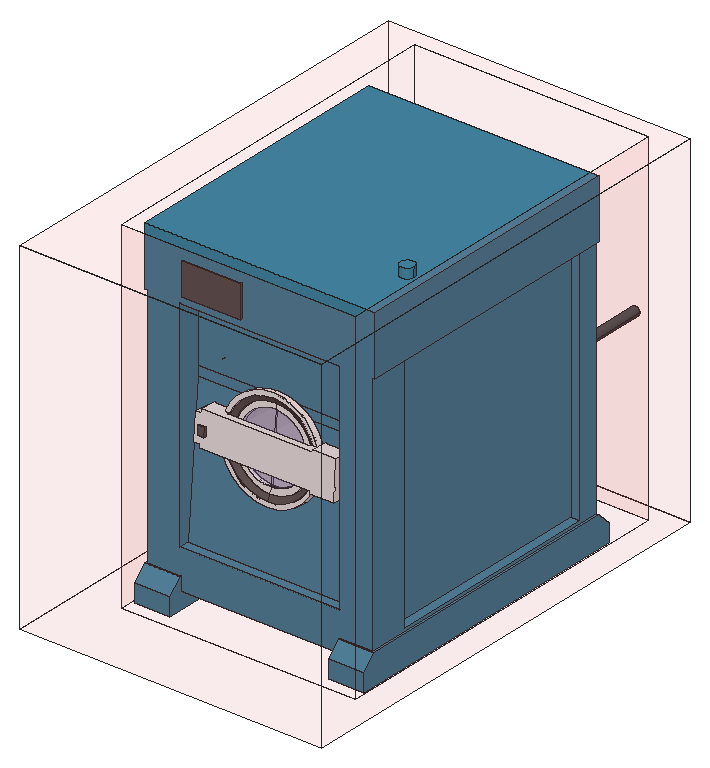
Revit family "Washer_Milnor_100lb-Capacity_36026X8R", category Mechanical Equipment, Revit 2026
Family settings
  Round Connector Dimension = Use Diameter
  Part Type = Normal
  Classification Number = 23.45.70.11.14.11
  Work Plane-Based = Yes
  Always vertical = No
  Cut with Voids When Loaded = No
  Maintain Annotation Orientation = No
  Shared = No
  Room Calculation Point = No
Parameters (values of type "36026x8Cb2014077d")
  doorgas = Door Opening + 0' 2 1/2"  # 1' - 10 1/2"
  Warranty Duration (Years) = 5
  Voltage_MEP = 44.5935 V
  Vibration Frequency = 0
  Unit Width = 4' - 4"
  Unit Weight = 1396
  Unit Height = 6' - 4 3/8"
  Unit Depth = 6' - 6 7/16"
  URL = "http://www.milnor.com/"
  Suspension Type [instance] = "Suspended"
  Standard Soap Chute = no
  Specification = "https://www.arcat.com/sd/clients/pellerin.html"
  SpecWizard = "https://www.arcat.com/specwizard/11110pmc/index04.htm"
  Send Message = "http://www.arcat.com/users.pl?action=UserEmail&company=Pellerin+Milnor+Corp.&coid=34740&rep=108&fax=504-468-3094&mf="
  Sales Information = "http://www.milnor.com/contact_us.aspx"
  Revision = "R1_08-2018"
  Product Properties = "https://www.arcat.com/arcatcos/cos34/arc34740.html"
  Product Data = "http://www.arcat.com/arcatcos/cos34/arc34740.html"
  Phase = 3
  Number of Poles = 1
  Model = "36026x8Cb2014077d"
  Manufacturer Website = "http://www.milnor.com/"
  Manufacturer Phone - Toll Free = "800-469-8780"
  Manufacturer Phone = "504-467-9591"
  Manufacturer Fax = "504-468-3094"
  Manufacturer Address = "700 Jackson St.   Kenner, LA 70062"
  Manufacturer = "Pellerin Milnor Corp"
  Maintenance Schedule (Months) = 0
  MEP Amperage = 19.5 A
  Keynote = "11110"
  Interior Finish [instance] = Metal - Stainless Steel - Milnor - as Specified
  Installation-Fabrication = "https://www.arcat.com/catalogs/pellerin/pellerin.html"
  Installation Phase = ""
  Green Building-LEED = "https://www.arcat.com/green/green_building.shtml"
  Frequency = 60 Hz
  Extraction G-Force = "300 Gs"
  Expected Lifespan (Years) = 12
  Dynamic Load = 0.00 kip
  Drawn By = "Sumex Design, Inc. / Robert S. Weygant, CSI, CDT, SCIP"
  Door Opening = 1' - 8"
  Door Opening Depth = 1' - 7 7/8"
  Door Glazing [instance] = Glazing - Milnor - as Specified
  Door Finish [instance] = Metal - Stainless Steel - Milnor - Powder Coat as Specified
  Clearance Visible [instance] = yes
  Cabinet Front Doodads [instance] = Paint - Milnor - Black
  Description = "Milnor Commercial Washer Extractor"
  Default Elevation = 4' - 0"
  Cylinder Volume = 0.00 CF
  Cylinder Diameter = 3' - 0"
  Cylinder Depth = 2' - 2"
  Door Base from FF = 2' - 4 1/2"
  Copyright = "©Arcat Inc."
  Construction Details = "https://www.arcat.com/catalogs/pellerin/pellerin.html"
  Capacity = "100 lb"
  Cabinet Finish [instance] = Paint - Milnor - Blue
  Assembly Code = "E1010610"
  5 Compartment Supply = yes
Types (2): name | Standard Soap Chute | Model | 5 Compartment Supply
  36026x8Cb2014077d | no | "36026x8Cb2014077d" | yes
  36026x8Ce2014133d | yes | "36026x8Ce2014133d" | no
Reference planes (in)
  plane 1 "Center (Front/Back)": y = 0
  plane 2 "Bottom": z = 0
  plane 3 "Center (Left/Right)": x = 0
  plane 4 "Front": y = -39.21875
  plane 5 "Back": y = 39.21875
  plane 6 "Left": x = -26
  plane 7 "Right": x = 26
  plane 8 "Top": z = 76.375
  plane 9: y = -59.09375
  plane 10: z = 28.5
  plane 11: y = 28.78125
  plane 12: x = -25.5
  plane 13: y = 16.28686
  plane 14: y = 16.16186
  plane 15: y = -9
  plane 16: y = -9.125
Forms (in)
  Extrusion 1, solid, material "Paint - Milnor - Blue" <- "Cabinet Finish"
    sketch origin (0, -2.05904, 0) x (0, 1, 0) y (0, 0, 1)
      loop
        line (-37.15971, 0) -> (30.84029, 0) -> (30.84029, 4) -> (28.01187, 6.82843) -> (-34.33128, 6.82843) -> (-37.15971, 4) -> (-37.15971, 0)
    from 17.5625 to 25.5
  Extrusion 2, solid, material "Paint - Milnor - Blue" <- "Cabinet Finish"
    sketch origin (0, -2.05904, 0) x (0, 1, 0) y (0, 0, -1)
      loop
        line (-37.15971, 0) -> (-37.15971, -4) -> (-34.33128, -6.82843) -> (28.01187, -6.82843) -> (30.84029, -4) -> (30.84029, 0) -> (-37.15971, 0)
    from 17.5625 to 25.5
  Extrusion 3, solid, material "Paint - Milnor - Blue" <- "Cabinet Finish"
    sketch origin (0, -2.05904, 0) x (1, 0, 0) y (0, 0, 1)
      loop
        line (-25.5, 74.36691) -> (-25.5, 61.1683) -> (-25, 61.1683) -> (-25, 4) -> (25, 4) -> (25, 61.1683) -> (25.5, 61.1683) -> (25.5, 74.36691) -> (-25.5, 74.36691)
      loop
        line (-17.72873, 61.1683) -> (-17.72873, 12.60752) -> (17.77127, 12.60752) -> (17.77127, 61.1683) -> (-17.72873, 61.1683)
    from -27.90179 to 34.19096
  Extrusion 4, solid, material "Paint - Milnor - Blue" <- "Cabinet Finish"
    sketch origin (0, -2.05904, 0) x (0, 1, 0) y (0, 0, 1)
      loop
        line (-32.56823, 6.82843) -> (27.90179, 6.82843) -> (27.90179, 15.82843) -> (23.46441, 15.82843) -> (23.46441, 61.1683) -> (-29.17951, 61.1683) -> (-29.17951, 46.60957)
        arc (-29.17951, 46.60957) -> (-29.20235, 45.5627) -> (-29.27083, 44.51783) r 24
        line (-29.27083, 44.51783) -> (-32.56823, 6.82843)
    from -17.72873 to 17.77127
  Extrusion 5, void
    sketch origin (25, -2.05904, 54.60752) x (0, 0, 1) y (0, 1, 0)
      loop
        line (6.56078, -25.44096) -> (6.56078, 23.49152) -> (-47.125, 23.49152) -> (-47.125, -25.44096) -> (6.56078, -25.44096)
    from 2 to 0
  Extrusion 6, void
    sketch origin (-25, -2.05904, 54.60752) x (0, 0, 1) y (0, -1, 0)
      loop
        line (6.56078, 25.44096) -> (-47.125, 25.44096) -> (-47.125, -23.49152) -> (6.56078, -23.49152) -> (6.56078, 25.44096)
    from 2 to 0
  Extrusion 7, solid, material "Metal - Stainless Steel - Milnor - Powder Coat as Specified" <- "Door Finish"
    sketch origin (0, -34.55047, 7.70631) x (0, 0.087156, 0.996195) y (-1, 0, 0)
      loop
        circle (29.17799, 0) r 10
      loop
        circle (29.17799, 0) r 11
    from 0 to 1.5
  Revolve 8, void
    sketch origin (0, -3.80904, 0.0625) x (0, 1, 0) y (0, 0, 1)
      loop
        line (-30.31592, 36.89602) -> (-1.30183, 34.35762) -> (0.26698, 52.28912) -> (-25.63409, 54.55517) -> (-26.33133, 46.58562) -> (-29.44436, 46.85797) -> (-30.31592, 36.89602)
      axis (-30.31592, 36.89602) -> (-1.30183, 34.35762)
    angle from 0 to 360
  Extrusion 9, solid, material "Paint - Milnor - Black" <- "Cabinet Front Doodads"
    sketch origin (0, -36.25, 0) x (1, 0, 0) y (0, 0, 1)
      loop
        line (-17, 69.875) -> (-17, 62.79689) -> (-3.97956, 62.79689) -> (-3.97956, 69.875) -> (-17, 69.875)
    from 0 to 0.33794
  Extrusion 10, solid, material "Paint - Milnor - Blue" <- "Cabinet Finish"
    sketch origin (0, -2.05904, 0) x (1, 0, 0) y (0, 1, 0)
      loop
        circle (21.5, -20.09721) r 1.5
    from 74.36691 to 76.375
  Revolve 11, solid, material "Metal - Stainless Steel - Milnor - Powder Coat as Specified" <- "Door Finish"
    sketch origin (0, -2.05904, 0.75) x (0, 1, 0) y (0, 0, 1)
      loop
        line (-28.99535, 44.76419) -> (-29.79376, 44.83404) -> (-29.9027, 43.5888) -> (-29.1043, 43.51894) -> (-28.99535, 44.76419)
      axis (-30.55637, 36.11734) -> (-29.75796, 36.04748)
    angle from 0 to 360
  Revolve 12, solid, material "Glazing - Milnor - as Specified" <- "Door Glazing"
    sketch origin (0, -2.05904, 0) x (0, 1, 0) y (0, 0, 1)
      loop
        line (-29.75688, 36.75651) -> (-29.09967, 44.26854) -> (-29.63035, 44.31497) -> (-30.28757, 36.80294) -> (-29.75688, 36.75651)
      axis (-30.28757, 36.80294) -> (-29.75688, 36.75651)
    angle from 0 to 360
  Extrusion 13, solid, material "Paint - Milnor - Black"
    sketch origin (0, -2.05904, 0) x (1, 0, 0) y (0, 0, 1)
      loop
        circle (22.9375, 40.625) r 0.375
      loop
        circle (22.9375, 35.6875) r 0.375
      loop
        circle (22.9375, 30.6875) r 0.375
    from -29.30904 to -24.95881
  Extrusion 14, solid, material "Paint - Milnor - Black"
    sketch origin (0, -2.05904, 0) x (1, 0, 0) y (0, 0, 1)
      loop
        circle (-7.1875, 8.75) r 1.5
    from -29.03067 to -23.49152
  Extrusion 15, solid, material "Paint - Milnor - Black"
    sketch origin (0, -2.05904, 0) x (1, 0, 0) y (0, 0, 1)
      loop
        circle (22.9375, 40.625) r 1
    from -41.27779 to -29.30904
  Extrusion 16, solid, material "Paint - Milnor - Black"
    sketch origin (0, -2.05904, 0) x (1, 0, 0) y (0, 0, 1)
      loop
        circle (-20.8125, 56.5625) r 0.25
    from -21.95881 to -21.19399
  Revolve 17, solid, material "Paint - Milnor - Black" <- "Cabinet Front Doodads"
    sketch origin (0, 0, 0) x (0, 1, 0) y (0, 0, 1)
      loop
        line (-32.63017, 46.86595) -> (-31.8528, 45.58404) -> (-31.0544, 45.51419) -> (-31.13588, 46.73521) -> (-32.63017, 46.86595)
      axis (-33.47496, 36.90173) -> (-31.79664, 36.75944)
    angle from 0 to 360
  Extrusion 18, solid, material "Metal - Stainless Steel - Milnor - Powder Coat as Specified" <- "Door Finish"
    sketch origin (0, -34.61584, 6.95916) x (0, 0.087156, 0.996195) y (-1, 0, 0)
      loop
        line (33.9585, 13.59472) -> (33.2085, 13.59472) -> (33.2085, 14.84472) -> (27.2085, 14.84472) -> (27.2085, 13.59472) -> (26.4585, 13.59472) -> (26.4585, -10.90528) -> (25.9585, -10.90528) -> (25.9585, -16.15528) -> (34.4585, -16.15528) -> (34.4585, -10.90528) -> (33.9585, -10.90528) -> (33.9585, 13.59472)
    from 0 to 3.72832
  Extrusion 19, solid, material "Paint - Milnor - Black" <- "Cabinet Front Doodads"
    sketch origin (0, -38.32996, 7.2841) x (0, 0.087156, 0.996195) y (-1, 0, 0)
      loop
        line (30.91177, 13.93187) -> (28.91177, 13.93187) -> (28.91177, 12.43187) -> (30.91177, 12.43187) -> (30.91177, 13.93187)
    from 0 to 0.4192
  Extrusion 20, solid, material "Paint - Milnor - Black" <- "Cabinet Front Doodads", visible <- "Standard Soap Chute"
    sketch origin (0, 0, 0) x (0, 1, 0) y (0, 0, 1)
      loop
        line (0.21875, 54.375) -> (0.21875, 50.375) -> (6.21875, 50.375) -> (6.21875, 54.375) -> (0.21875, 54.375)
    from -23.52486 to -24.33761
  Extrusion 21, solid, material "Paint - Milnor - Black" <- "Cabinet Front Doodads", visible <- "Standard Soap Chute"
    sketch origin (0, 0, 0) x (0, 1, 0) y (0, 0, 1)
      loop
        line (-0.51951, 55.39827) -> (-0.51951, 46.64827) -> (6.98049, 46.64827) -> (6.98049, 55.39827) -> (-0.51951, 55.39827)
    from -23 to -23.52486
  Extrusion 22, solid, material "ARCAT Clearance", visible <- "Clearance Visible"
    sketch origin (-39, -17.19429, 0) x (1, 0, 0) y (0, 1, 0)
      loop
        line (4, 60.48203) -> (4, -41.89946) -> (71, -41.89946) -> (71, 60.48203) -> (4, 60.48203)
      loop
        line (13, -24.89946) -> (65, -24.89946) -> (65, 56.41304) -> (13, 56.41304) -> (13, -24.89946)
    from 0 to 76.375
  Extrusion 23, solid, material "Paint - Milnor - Black", visible <- "5 Compartment Supply"
    sketch origin (0, 0, 0) x (1, 0, 0) y (0, 0, 1)
      loop
        line (-35, 64.85752) -> (-35, 54.85752) -> (-27, 54.85752) -> (-27, 64.85752) -> (-35, 64.85752)
    from -16.16186 to 9
  Extrusion 24, solid, material "Paint - Milnor - Black", visible <- "5 Compartment Supply"
    sketch origin (0, 0, 0) x (1, 0, 0) y (0, 0, 1)
      loop
        line (-31, 64.85752) -> (-31, 56.85752) -> (-25.5, 62.35752) -> (-25.5, 69.85752) -> (-26, 69.85752) -> (-31, 64.85752)
    from 9 to 9.125
  Extrusion 25, solid, material "Paint - Milnor - Black", visible <- "5 Compartment Supply"
    sketch origin (0, 7.16186, 0) x (1, 0, 0) y (0, 0, -1)
      loop
        line (-31, -64.85752) -> (-26, -69.85752) -> (-25.5, -69.85752) -> (-25.5, -62.35752) -> (-31, -56.85752) -> (-31, -64.85752)
    from 9 to 9.125
  Extrusion 26, solid, material "Paint - Milnor - Black", visible <- "5 Compartment Supply"
    sketch origin (0, 0, 0) x (1, 0, 0) y (0, 0, 1)
      loop
        line (-27, 54.85752) -> (-35, 54.85752) -> (-29, 48.10752) -> (-27, 48.10752) -> (-23, 46.64827) -> (-23, 48.39827) -> (-27, 49.85752) -> (-27, 54.85752)
    from -6.98049 to 0.51951
Cuts and joins
  Extrusion 5, Extrusion 6, Revolve 8 cuts Extrusion 3
  Revolve 8 cuts Extrusion 4
  joined: Extrusion 1, Extrusion 2, Extrusion 3, Extrusion 4
  Revolve 8 cuts Extrusion 7
  Revolve 8 cuts Extrusion 18
Lines and regions (in)
  symbolic lines, style "MechanicalEquipmentHiddenLines"
    curve 1: line (13, -59.09375, 0) -> (13, -31.61258, 0)
    curve 2: line (-17.25, 25.10024, 0) -> (-17.25, 43.28774, 0)
    curve 3: line (0, 25.84275, 53.1683) -> (0, 44.03025, 53.1683)
    curve 4: arc (0, 44.03025, 53.1683) -> (0, 38.70325, 66.0288) -> (0, 25.84275, 71.3558) r 18.1875
    curve 5: line (17.25, 25.10024, 0) -> (17.25, 43.28774, 0)
    curve 6: line (-17.25, 43.28774, 0) -> (17.25, 43.28774, 0)
    curve 7: arc (13, -59.09375, 0) -> (-5.93909, -51.24892, 0) -> (-13.78392, -32.30983, 0) r 26.78392
    curve 8: line (0, -57.00388, 40.29062) -> (0, -58.62285, 40.43226)
    curve 9: line (0, -58.62285, 40.43226) -> (0, -59.1022, 34.95319)
    curve 10: line (0, -59.1022, 34.95319) -> (0, -57.48196, 34.81144)
    curve 11: spline (0, -46.54238, 47.86214) -> (0, -49.38939, 47.48875) -> (0, -52.04238, 46.39403) -> (0, -54.32056, 44.65258) -> (0, -56.06866, 42.38307) -> (0, -57.16757, 39.74017) -> (0, -57.54238, 36.904) -> (0, -57.16757, 34.06782) -> (0, -56.06866, 31.42493) -> (0, -54.32056, 29.15542) -> (0, -52.04238, 27.41397) -> (0, -49.38939, 26.31925) -> (0, -46.54238, 25.94586)
    curve 12: spline (0, -46.54238, 25.94586) -> (0, -43.69537, 26.31925) -> (0, -41.04238, 27.41397) -> (0, -38.76421, 29.15542) -> (0, -37.0161, 31.42493) -> (0, -35.9172, 34.06782) -> (0, -35.54238, 36.904) -> (0, -35.9172, 39.74017) -> (0, -37.0161, 42.38307) -> (0, -38.76421, 44.65258) -> (0, -41.04238, 46.39403) -> (0, -43.69537, 47.48875) -> (0, -46.54238, 47.86214)
Dimensions and locks (in)
  equal spacing: plane 6 "Left", plane 3 "Center (Left/Right)", plane 7 "Right"
  "Unit Width": plane 6 "Left" to plane 7 "Right"
  equal spacing: plane 5 "Back", plane 1 "Center (Front/Back)", plane 4 "Front"
  "Unit Depth": plane 5 "Back" to plane 4 "Front"
  "Unit Height": plane 8 "Top" to level
  "Door Opening Depth": plane 4 "Front" to plane 9
  "Door Base from FF": plane 10 to level
  plane 3 "Center (Left/Right)" to Extrusion 14 sketch curve = 0' - 7 3/16"
  Extrusion 14 sketch curve to level = 0' - 8 3/4"
  Extrusion 13 sketch curve to level = 2' - 6 11/16"
  Extrusion 13 sketch curve to level = 2' - 11 11/16"
  Extrusion 13 sketch curve to level = 3' - 4 5/8"
  plane 3 "Center (Left/Right)" to Extrusion 10 sketch curve = 1' - 9 1/2"
  Extrusion 10 sketch curve to plane 4 "Front" = 1' - 5 1/16"
  plane 3 "Center (Left/Right)" to Extrusion 16 sketch curve = 1' - 8 13/16"
  Extrusion 16 sketch curve to level = 4' - 8 9/16"
  locked: plane 13 to plane 14 at 0.125
  locked: plane 15 to plane 16 at 0.125
  locked: plane 11 to plane 13 at 12.49439
  locked: plane 16 to plane 4 "Front" at 30.09375
  aligned and locked: Extrusion 25 to plane 13
  aligned and locked: plane 14 to Extrusion 25
  aligned and locked: plane 16 to Extrusion 24
  aligned and locked: Extrusion 24 to plane 15
  aligned and locked: plane 15 to Extrusion 23
  aligned and locked: Extrusion 23 to plane 14
Automatic sketch dimensions
  curve 1 to plane 9 = 0' - 0"
  plane 5 "Back" to curve 6 = 0' - 4.06899"
  curve 6 to plane 12 = 0' - 8 1/4"
  plane 3 "Center (Left/Right)" to curve 1 = 1' - 1"
  curve 5 to plane 7 "Right" = 0' - 8 3/4"
  plane 4 "Front" to curve 7 = 0' - 6.90892"
  curve 7 to curve 1 = 0' - 0.69725"
  plane 11 to curve 2 = 0' - 3.68101"
  plane 11 to curve 5 = 0' - 3.68101"
  curve 9 to plane 9 = 0' - 0.00845"
  plane 9 to curve 9 = 0' - 0.4709"
  plane 11 to curve 4 = 0' - 2.9385"
  plane 5 "Back" to curve 3 = 0' - 4.8115"
  curve 10 to plane 10 = 0' - 6.45319"
  curve 9 to curve 9 = 0' - 5.47907"
  curve 4 to plane 8 "Top" = 1' - 11.2067"
  plane 9 to curve 12 = 0' - 1.55137"
  curve 11 to curve 12 = 0' - 0"
  plane 9 to curve 10 = 0' - 1.61179"
  curve 8 to curve 8 = 0' - 1.61896"
  curve 12 to plane 4 "Front" = 0' - 7.32363"
  curve 3 to curve 4 = 0' - 0"
  plane 10 to curve 11 = 0' - 2.55414"
  Extrusion 1 sketch curve to plane 4 "Front" = 0' - 0"
  Extrusion 1 sketch curve to plane 11 = 0' - 0"
  Extrusion 1 sketch curve to level = 0' - 0"
  plane 4 "Front" to Extrusion 1 sketch curve = 0' - 2.82843"
  plane 11 to Extrusion 1 sketch curve = 0' - 2.82843"
  level to Extrusion 1 sketch curve = 0' - 4"  (x2)
  Extrusion 1 sketch curve to Extrusion 1 sketch curve = 0' - 2.82843"
  Extrusion 2 sketch curve to plane 4 "Front" = 0' - 0"
  Extrusion 2 sketch curve to plane 11 = 0' - 0"
  Extrusion 2 sketch curve to level = 0' - 0"
  plane 4 "Front" to Extrusion 2 sketch curve = 0' - 2.82843"
  plane 11 to Extrusion 2 sketch curve = 0' - 2.82843"
  Extrusion 2 sketch curve to Extrusion 2 sketch curve = 0' - 4"
  level to Extrusion 2 sketch curve = 0' - 4"
  Extrusion 2 sketch curve to Extrusion 2 sketch curve = 0' - 2.82843"
  plane 12 to Extrusion 3 sketch curve = 0' - 0"
  Extrusion 3 sketch curve to plane 12 = 0' - 0 1/2"
  Extrusion 3 sketch curve to Extrusion 3 sketch curve = 0' - 7.27127"
  Extrusion 3 sketch curve to plane 7 "Right" = 0' - 8.22873"
  Extrusion 3 sketch curve to plane 7 "Right" = 0' - 1"
  Extrusion 3 sketch curve to plane 7 "Right" = 0' - 0 1/2"
  level to Extrusion 3 sketch curve = 0' - 4"
  Extrusion 3 sketch curve to Extrusion 3 sketch curve = 0' - 8.60752"
  Extrusion 3 sketch curve to plane 8 "Top" = 1' - 3.2067"  (x2)
  Extrusion 3 sketch curve to Extrusion 3 sketch curve = 0' - 0"
  Extrusion 3 sketch curve to plane 8 "Top" = 0' - 2.00809"
  plane 9 to Extrusion 4 sketch curve = 0' - 3.8552"
  plane 4 "Front" to Extrusion 4 sketch curve = 0' - 4.59148"
  plane 4 "Front" to Extrusion 4 sketch curve = 0' - 7.88887"
  plane 4 "Front" to Extrusion 4 sketch curve = 0' - 7.9802"
  Extrusion 4 sketch curve to plane 13 = 0' - 5.11851"
  plane 11 to Extrusion 4 sketch curve = 0' - 2.9385"
  level to Extrusion 4 sketch curve = 0' - 6.82843"
  Extrusion 4 sketch curve to Extrusion 4 sketch curve = 0' - 9"
  Extrusion 4 sketch curve to plane 10 = 1' - 4.01783"
  Extrusion 4 sketch curve to plane 8 "Top" = 1' - 3.2067"
  Extrusion 3 to Extrusion 5 sketch curve = 0' - 0"
  Extrusion 5 sketch curve to Extrusion 3 = 0' - 3.48252"
  Extrusion 5 sketch curve to Extrusion 3 = 0' - 8 3/4"
  Extrusion 5 sketch curve to Extrusion 3 = 0' - 4.41027"
  Extrusion 6 sketch curve to Extrusion 3 = 0' - 0"
  Extrusion 3 to Extrusion 6 sketch curve = 0' - 3.48252"
  Extrusion 6 sketch curve to Extrusion 3 = 0' - 4.41027"
  Extrusion 6 sketch curve to Extrusion 3 = 0' - 8 3/4"
  Extrusion 7 sketch curve to Extrusion 7 sketch curve = 0' - 0"  (x2)
  Extrusion 7 sketch curve to Extrusion 4 = 0' - 7.77415"
  Extrusion 4 to Extrusion 7 sketch curve = 1' - 5.72873"
  plane 4 "Front" to Revolve 8 sketch curve = 0' - 5.09378"
  plane 4 "Front" to Revolve 8 sketch curve = 0' - 5.96534"
  Revolve 8 sketch curve to Revolve 8 sketch curve = 0' - 3.11303"
  Revolve 8 sketch curve to Revolve 8 sketch curve = 0' - 0.69725"
  Revolve 8 sketch curve to plane 15 = 0' - 3.88913"
  Revolve 8 sketch curve to plane 10 = 0' - 5.92012"
  Revolve 8 sketch curve to Revolve 8 sketch curve = 0' - 2.5384"
  Revolve 8 sketch curve to Revolve 8 sketch curve = 0' - 2.36589"
  Revolve 8 sketch curve to plane 15 = 0' - 0.1534"
  Revolve 8 sketch curve to Revolve 8 sketch curve = 0' - 0.32683"
  Revolve 8 sketch curve to Revolve 8 sketch curve = 0' - 0.20699"
  Extrusion 3 to Extrusion 9 sketch curve = 0' - 0.72873"
  Extrusion 9 sketch curve to Extrusion 3 = 0' - 1.62859"
  Extrusion 9 sketch curve to Extrusion 9 sketch curve = 1' - 1.02044"
  Extrusion 9 sketch curve to Extrusion 3 = 0' - 4.49191"
  plane 4 "Front" to Revolve 11 sketch curve = 0' - 7.257"
  Revolve 11 sketch curve to Revolve 11 sketch curve = 0' - 0.10894"
  Revolve 11 sketch curve to Revolve 11 sketch curve = 0' - 0.79841"
  Revolve 11 sketch curve to plane 10 = 1' - 3.76894"
  Revolve 11 sketch curve to Revolve 11 sketch curve = 0' - 0.06985"
  Revolve 11 sketch curve to Revolve 11 sketch curve = 0' - 1.08483"
  Revolve 11 sketch curve to Revolve 11 sketch curve = 0' - 9.7129"
  Revolve 11 sketch curve to Revolve 11 sketch curve = 0' - 7.62356"
  Revolve 11 sketch curve to plane 10 = 0' - 7.29562"
  plane 4 "Front" to Revolve 12 sketch curve = 0' - 6.87213"
  Revolve 12 sketch curve to Revolve 12 sketch curve = 0' - 0.53069"
  plane 4 "Front" to Revolve 12 sketch curve = 0' - 7.52935"
  Revolve 12 sketch curve to plane 10 = 0' - 8.25651"
  Revolve 12 sketch curve to Revolve 12 sketch curve = 0' - 0.04643"
  Revolve 12 sketch curve to Revolve 12 sketch curve = 0' - 1.55183"
  Revolve 12 sketch curve to Revolve 12 sketch curve = 0' - 7.22241"
  Revolve 12 sketch curve to Revolve 12 sketch curve = 0' - 0.13577"
  Revolve 12 sketch curve to Revolve 12 sketch curve = 0' - 0.63188"
  Extrusion 13 sketch curve to plane 7 "Right" = 0' - 3 1/16"  (x3)
  Extrusion 15 sketch curve to plane 7 "Right" = 0' - 3 1/16"
  Extrusion 15 sketch curve to plane 10 = 1' - 0 1/8"
  plane 4 "Front" to Revolve 17 sketch curve = 0' - 6.58858"
  Revolve 17 sketch curve to Revolve 17 sketch curve = 0' - 0.77737"
  Revolve 17 sketch curve to Revolve 17 sketch curve = 0' - 0.71692"
  Revolve 17 sketch curve to Revolve 17 sketch curve = 0' - 0.79841"
  Revolve 17 sketch curve to plane 10 = 1' - 5.01419"
  Revolve 17 sketch curve to Revolve 17 sketch curve = 0' - 0.06985"
  Revolve 17 sketch curve to Revolve 17 sketch curve = 0' - 1.22102"
  Revolve 17 sketch curve to Revolve 17 sketch curve = 0' - 1.28191"
  plane 4 "Front" to Revolve 17 sketch curve = 0' - 5.71702"
  plane 16 to Revolve 17 sketch curve = 0' - 11.26968"
  Revolve 17 sketch curve to plane 10 = 0' - 8.404"
  Revolve 17 sketch curve to plane 10 = 0' - 7.29276"
  Extrusion 4 to Extrusion 18 sketch curve = 0' - 1.61599"
  Extrusion 18 sketch curve to Extrusion 4 = 0' - 11.74364"
  Extrusion 18 sketch curve to Extrusion 18 sketch curve = 0' - 0 1/2"
  Extrusion 18 sketch curve to Extrusion 18 sketch curve = 0' - 0 3/4"  (x2)
  Extrusion 18 sketch curve to Extrusion 4 = 0' - 4.49364"
  Extrusion 18 sketch curve to Extrusion 4 = 0' - 3.24364"
  Extrusion 18 sketch curve to Extrusion 18 sketch curve = 0' - 5 1/4"  (x2)
  Extrusion 4 to Extrusion 18 sketch curve = 0' - 4.13401"  (x2)
  Extrusion 18 sketch curve to Extrusion 18 sketch curve = 0' - 1 1/4"
  Extrusion 18 to Extrusion 19 sketch curve = 0' - 0.33715"
  Extrusion 19 sketch curve to Extrusion 18 = 0' - 1.70327"
  Extrusion 19 sketch curve to Extrusion 19 sketch curve = 0' - 2"
  Extrusion 19 sketch curve to Extrusion 18 = 0' - 1.16285"
  Extrusion 20 sketch curve to plane 1 "Center (Front/Back)" = 0' - 0 7/32"
  Extrusion 20 sketch curve to Extrusion 20 sketch curve = 0' - 6"
  Extrusion 20 sketch curve to plane 10 = 1' - 9 7/8"
  Extrusion 20 sketch curve to Extrusion 20 sketch curve = 0' - 4"
  plane 1 "Center (Front/Back)" to Extrusion 21 sketch curve = 0' - 0 133/256"
  Extrusion 21 sketch curve to plane 1 "Center (Front/Back)" = 0' - 6 251/256"
  Extrusion 21 sketch curve to plane 10 = 1' - 6.14827"
  Extrusion 21 sketch curve to Extrusion 21 sketch curve = 0' - 8 3/4"
  Extrusion 23 sketch curve to plane 6 "Left" = 0' - 9"
  Extrusion 23 sketch curve to plane 6 "Left" = 0' - 1"
  Extrusion 23 sketch curve to plane 8 "Top" = 1' - 9.51748"
  Extrusion 23 sketch curve to Extrusion 23 sketch curve = 0' - 10"
  Extrusion 24 sketch curve to plane 6 "Left" = 0' - 0"
  plane 12 to Extrusion 24 sketch curve = 0' - 0"
  Extrusion 24 sketch curve to plane 6 "Left" = 0' - 5"
  Extrusion 24 sketch curve to plane 8 "Top" = 1' - 7.51748"
  Extrusion 24 sketch curve to Extrusion 24 sketch curve = 0' - 5 1/2"
  Extrusion 24 sketch curve to Extrusion 24 sketch curve = 0' - 2 1/2"
  Extrusion 24 sketch curve to plane 8 "Top" = 0' - 6.51748"
  Extrusion 25 sketch curve to plane 6 "Left" = 0' - 0"
  plane 12 to Extrusion 25 sketch curve = 0' - 0"
  Extrusion 25 sketch curve to plane 6 "Left" = 0' - 5"
  Extrusion 25 sketch curve to plane 8 "Top" = 0' - 6.51748"
  Extrusion 25 sketch curve to Extrusion 25 sketch curve = 0' - 5"
  Extrusion 25 sketch curve to Extrusion 25 sketch curve = 0' - 2 1/2"
  Extrusion 25 sketch curve to Extrusion 25 sketch curve = 0' - 5 1/2"
  Extrusion 26 sketch curve to plane 6 "Left" = 0' - 9"
  Extrusion 26 sketch curve to plane 6 "Left" = 0' - 3"
  Extrusion 26 sketch curve to plane 6 "Left" = 0' - 1"  (x2)
  Extrusion 26 sketch curve to plane 10 = 1' - 7.60752"
  Extrusion 26 sketch curve to Extrusion 26 sketch curve = 0' - 6 3/4"
  Extrusion 26 sketch curve to plane 12 = 0' - 2 1/2"
  Extrusion 26 sketch curve to Extrusion 26 sketch curve = 0' - 3.20925"
  Extrusion 26 sketch curve to Extrusion 26 sketch curve = 0' - 1 3/4"
  Extrusion 26 sketch curve to Extrusion 26 sketch curve = 0' - 1.45925"
  Extrusion 22 sketch curve to plane 9 = 0' - 0"
  Extrusion 22 sketch curve to plane 6 "Left" = 0' - 0"
  Extrusion 22 sketch curve to plane 7 "Right" = 0' - 0"
  Extrusion 22 sketch curve to plane 5 "Back" = 0' - 0"
  plane 5 "Back" to Extrusion 22 sketch curve = 0' - 4.06899"
  Extrusion 22 sketch curve to plane 6 "Left" = 0' - 9"
  plane 7 "Right" to Extrusion 22 sketch curve = 0' - 6"
  Extrusion 22 sketch curve to plane 4 "Front" = 0' - 2 7/8"
  radius of Extrusion 7 sketch curve = 0' - 10"
  radius of Extrusion 7 sketch curve = 0' - 11"
  radius of Extrusion 10 sketch curve = 0' - 1 1/2"
  radius of Extrusion 13 sketch curve = 0' - 0 3/8"  (x3)
  radius of Extrusion 14 sketch curve = 0' - 1 1/2"
  radius of Extrusion 15 sketch curve = 0' - 1"
  radius of Extrusion 16 sketch curve = 0' - 0 1/4"
Connectors (in)
  piping at (-7.1875, 26.97162, 8.75), diameter 3
    settings: on Extrusion 14, index 5, connector inside diameter 3", connector length 0' - 0", flow factor 0, pipe flow 0 GPM, pressure drop 0.00 psi, fitting loss kfactor 0, connector angle 0.00°, fixture units 0, engagement length 0' - 0", angle of deflection 0.00°, flow configuration 0, flow direction 2, fitting loss method 0, system type 16, joint type 0, gender type 0, connector reference index -1, connector utility 0, adjustable connector no, is connector primary yes, connector description ""
  piping at (22.9375, 39.21875, 40.625), diameter 0.75
    settings: on Extrusion 15, index 6, connector inside diameter 3/4", connector length 0' - 0", flow factor 0, pipe flow 0 GPM, pressure drop 0.00 psi, fitting loss kfactor 0, connector angle 0.00°, fixture units 0, engagement length 0' - 0", angle of deflection 0.00°, flow configuration 0, flow direction 1, fitting loss method 0, system type 19, joint type 0, gender type 0, connector reference index -1, connector utility 0, adjustable connector no, is connector primary no, connector description ""
  piping at (22.9375, 27.25, 35.6875), diameter 0.75
    settings: on Extrusion 13, index 7, connector inside diameter 3/4", connector length 0' - 0", flow factor 0, pipe flow 0 GPM, pressure drop 0.00 psi, fitting loss kfactor 0, connector angle 0.00°, fixture units 0, engagement length 0' - 0", angle of deflection 0.00°, flow configuration 0, flow direction 1, fitting loss method 0, system type 19, joint type 0, gender type 0, connector reference index -1, connector utility 0, adjustable connector no, is connector primary no, connector description ""
  piping at (22.9375, 27.25, 30.6875), diameter 0.75
    settings: on Extrusion 13, index 8, connector inside diameter 3/4", connector length 0' - 0", flow factor 0, pipe flow 0 GPM, pressure drop 0.00 psi, fitting loss kfactor 0, connector angle 0.00°, fixture units 0, engagement length 0' - 0", angle of deflection 0.00°, flow configuration 0, flow direction 1, fitting loss method 0, system type 20, joint type 0, gender type 0, connector reference index -1, connector utility 0, adjustable connector no, is connector primary no, connector description ""
  electrical at (-20.8125, 19.89976, 56.5625)
    settings: on Extrusion 16, index 9, voltage 0 V, apparent load 0 VA, apparent load phase1 0 VA, apparent load phase2 0 VA, apparent load phase3 0 VA, power factor 1, load classification "Other", number of poles 1, system type 31, power factor state 1, is connector primary yes, connector utility no, sub classification motor no, connector description ""
